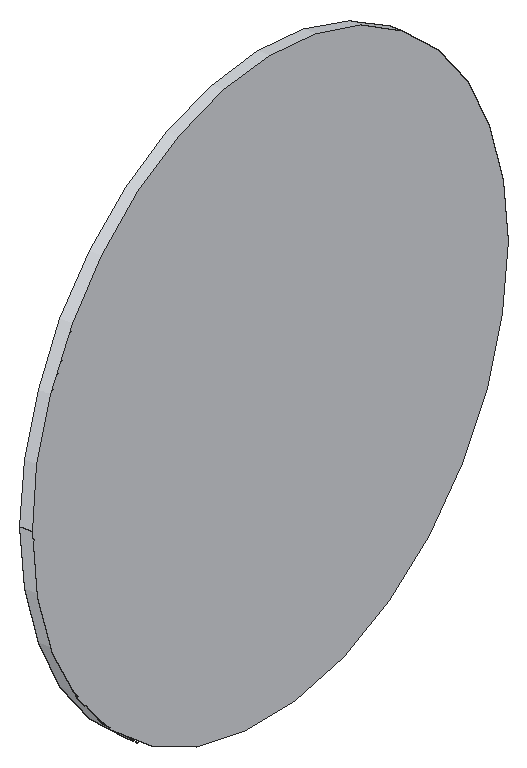
Revit family "e0dc3808cae1497fb45e15bab115965d", category Duct Fittings, Revit 2021
Family settings
  Round Connector Dimension = Use Radius
  Part Type = Union
  OmniClass Number = 23.75.70.14
  OmniClass Title = Air Ductwork
  Seek Item ID = Round Union-0000-USA-ENU
  Work Plane-Based = No
  Always vertical = Yes
  Cut with Voids When Loaded = No
  Shared = No
Parameters (values of type "Standard")
  Duct Radius [instance] = 6"
  Duct Length [instance] = 1/4"
  Default Elevation = 0' - 0"
  Assembly Code = ""
Reference planes (in)
  plane 1 "Center (Front/Back)": y = 0
  plane 2: z = 0
  plane 3 "Center (Left/Right)": x = 0
  plane 4: x = 0.25
Forms (in)
  Sweep 1, solid, detail levels medium+fine
    path in 3D
      loop
        line (0, 0, 0) -> (0.25, 0, 0)
    profile origin (0.125, 0, 0) x (0, 1, 0) y (0, 0, 1)
      loop
        circle (0, 0) r 6
Lines and regions (in)
  model lines, style "DuctFitting", detail levels coarse
    curve 1: line (0, 0, 0) -> (0.25, 0, 0)
  sketch lines
    curve 2: line (0, 0, 0) -> (0.25, 0, 0)
Dimensions and locks (in)
  "Duct Length": plane 3 "Center (Left/Right)" to plane 4
  "Duct Radius": radius of Sweep 1 sketch curve
  aligned and locked: plane 3 "Center (Left/Right)" to curve 1
  aligned and locked: plane 1 "Center (Front/Back)" to curve 1
Automatic sketch dimensions
  Sweep 1 sketch curve to profile plane = 0' - 0"  (x2)
  curve 1 to plane 4 = 0' - 0"
Connectors (in)
  hvac at (0, 0, 0), driven by "Duct Radius"
    settings: on Sweep 1, index 0, duct flow 0 CFM, flow factor 0, pres drop 0.00 in-wg, loss coef 0, conn angle 0.00°, conn width 12", conn height 12", conn diameter 12", duct sys type 28, conn prof type 0, flow config 0, flow direction 0, loss method 0, conn ref index 1, conn util no, is conn primary yes, conn desc ""
  hvac at (0.25, 0, 0), driven by "Duct Radius"
    settings: on Sweep 1, index 1, duct flow 0 CFM, flow factor 0, pres drop 0.00 in-wg, loss coef 0, conn angle 0.00°, conn width 12", conn height 12", conn diameter 12", duct sys type 28, conn prof type 0, flow config 0, flow direction 0, loss method 0, conn ref index 0, conn util no, is conn primary no, conn desc ""
